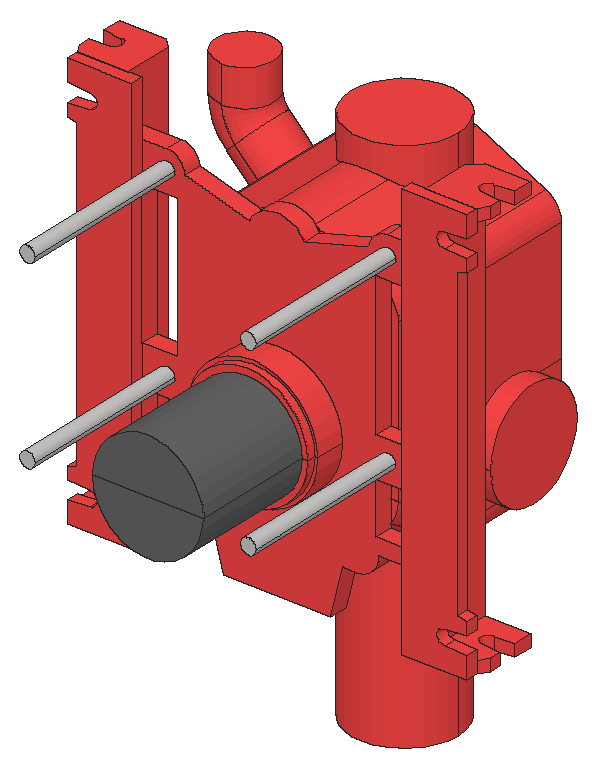
Revit family
Parameters (values of type "Standard Length")
  Vertical Pipe Nominal Radius = 2"
  Vertical Pipe Nominal Diameter = Vertical Pipe Nominal Radius * 2  # 4"
  Vent Nominal Radius = 1"
  Vent Nominal Diameter = Vent Nominal Radius * 2  # 2"
  Vent Flow = 0 GPM
  URL = "http://tylerpipe.com/"
  Type Comments = ""
  Slope Adjustment = yes
  Side Waste Inlet Standard Radius = 2"
  Side Waste Inlet Standard Diameter = Side Waste Inlet Standard Radius * 2  # 4"
  Rough-In Height [instance] = 0' - 6 1/2"
  Plastic Nipple Material = Plastic - Tyler Pipe - Black
  Plastic Nipple Length = 0' - 5"
  Pipe Material = Metal - Tyler Pipe - Cast Iron
  Operating Weight = 115.00 lbf
  Model = "330-NL"
  Manufacturer = "Tyler Pipe"
  Main Out Flush = Main In Flow + Flush Flow 1 + Vent Flow  # 0 GPM
  Main In Flow = 0 GPM
  Flush Flow 1 = 0 GPM
  Description = "Left-Handed Adjustable Vertical No-Hub Carrier"
  CALC_Slope H = 0' - 0"
  CALC_Outlet Length = 0' - 5 1/4"
  CALC_Main Length = -0' - 10 3/8"
  Bracket Material = Metal - Tyler Pipe - Cast Iron
  Bolt Material = Metal - Tyler Pipe - Stainless Steel
  Bolt Length = 0' - 7 9/128"
  Assembly Code = "D2030100"
Reference planes (in)
  plane 1 "Center (Front/Back)": y = 0
  plane 2: z = 0
  plane 3 "Center (Left/Right)": x = 0
  plane 4 "Rough-In": z = 6.5
  plane 5 "Main Fitting Outlet": z = 4.53516
  plane 6 "Top": z = 17
  plane 7 "Support Foot Left": x = -8.375
  plane 8 "Support Foot Right": x = 8.375
  plane 9 "Carrier Faceplate Front": y = -7
  plane 10 "Faceplate Front": y = -6.5
  plane 11: x = -8.125
  plane 12: x = 8.125
  plane 13 "Bolts Left": x = -4.5
  plane 14 "Bolts Right": x = 4.5
  plane 15 "Bolts Front": y = -13.57031
  plane 16 "Main Fitting Inlet": z = 4.53516
  plane 17 "O": x = -1.5
  plane 18 "Outlet": x = 5.25
  plane 19 "Vent": x = 4
  plane 20 "V": z = 11.50528
  plane 21 "Bottom Side Inlet Geometry": z = 2.34777
  plane 22: z = 16.5
  plane 23: z = 0.5
  plane 24: x = -6.49997
  plane 25: x = 6.51229
  plane 26: z = 6.5
  plane 27: z = 6.5
  plane 28 "Bolts Front Back": y = -5.48803
  plane 29 "Side Inlet Front": y = -13.06327
  plane 30: y = -8.06327
  plane 31 "Inlet": x = -5.125
  plane 32 "Vent Height": z = 14.81483
  plane 33 "Back Support": y = 2.5
Forms (in)
  Extrusion 1, solid, material "Metal - Tyler Pipe - Cast Iron" <- "Pipe Material", detail levels medium+fine
    sketch origin (5.25, 0, 4.53516) x (0, -1, 0) y (-0.000001, 0, -1)
      loop
        circle (0, 0) r 2.1875
    from 0 to -10.375 <- "CALC_Main Length"
  Extrusion 2, solid, material "Metal - Tyler Pipe - Cast Iron" <- "Bracket Material", detail levels fine
    sketch origin (0, -7, 0) x (-1, 0, 0) y (0, 0, -1)
      loop
        line (8.12501, 0) -> (5.49997, 0) -> (5.49997, -16.99997) -> (8.12501, -16.99997) -> (8.12501, -16.11913) -> (7.22821, -16.05642)
        arc (7.22821, -16.05642) -> (6.91647, -15.74468) -> (7.22821, -15.43294) r 0.31174
        line (7.22821, -15.43294) -> (8.12498, -15.37024) -> (8.12498, -14.86967) -> (7.75, -14.7692) -> (7.75, -2.22548) -> (8.12498, -2.12501) -> (8.12498, -1.62445) -> (7.22821, -1.56174)
        arc (7.22821, -1.56174) -> (6.91647, -1.25) -> (7.22821, -0.93826) r 0.31174
        line (7.22821, -0.93826) -> (8.12501, -0.87555) -> (8.12501, 0)
      loop
        line (-5.49997, -16.99997) -> (-5.49997, 0) -> (-8.12501, 0) -> (-8.12501, -0.87555) -> (-7.22821, -0.93826)
        arc (-7.22821, -0.93826) -> (-6.91647, -1.25) -> (-7.22821, -1.56174) r 0.31174
        line (-7.22821, -1.56174) -> (-8.12498, -1.62445) -> (-8.12498, -2.12501) -> (-7.75, -2.22548) -> (-7.75, -14.7692) -> (-8.12498, -14.86967) -> (-8.12498, -15.37024) -> (-7.22821, -15.43294)
        arc (-7.22821, -15.43294) -> (-6.91647, -15.74468) -> (-7.22821, -16.05642) r 0.31174
        line (-7.22821, -16.05642) -> (-8.12501, -16.11913) -> (-8.12501, -16.99997) -> (-5.49997, -16.99997)
    from 0 to -0.5
  Extrusion 3, solid, material "Metal - Tyler Pipe - Cast Iron" <- "Bracket Material", detail levels fine
    sketch origin (0, 0, 0) x (1, 0, 0) y (0, 1, 0)
      loop
        line (-8.37498, -6.0625) -> (-8.12501, -6.5) -> (-6.06247, -6.5) -> (-6.06247, -4.5) -> (-6.49997, -4.0625) -> (-8.37498, -4.0625) -> (-8.37498, -4.875) -> (-7.59946, -4.93854)
        arc (-7.59946, -4.93854) -> (-7.288, -5.25) -> (-7.59946, -5.56146) r 0.31146
        line (-7.59946, -5.56146) -> (-8.37498, -5.625) -> (-8.37498, -6.0625)
      loop
        line (6.06247, -4.5) -> (6.06247, -6.5) -> (8.12501, -6.5) -> (8.37498, -6.0625) -> (8.37498, -5.625) -> (7.59946, -5.56146)
        arc (7.59946, -5.56146) -> (7.288, -5.25) -> (7.59946, -4.93854) r 0.31146
        line (7.59946, -4.93854) -> (8.37498, -4.875) -> (8.37498, -4.0625) -> (6.49997, -4.0625) -> (6.06247, -4.5)
    from 0 to 17
  Extrusion 4, void
    sketch origin (0, 7, 0) x (-1, 0, 0) y (0, 0, 1)
      loop
        line (9.12254, 16.5) -> (6.49997, 16.5) -> (6.49997, 0.5) -> (9.12254, 0.5) -> (9.12254, 16.5)
      loop
        line (-9.26801, 16.5) -> (-9.26801, 0.5) -> (-6.51229, 0.5) -> (-6.51229, 16.5) -> (-9.26801, 16.5)
    from -13.5 to 0.5
  Extrusion 5, solid, material "Metal - Tyler Pipe - Cast Iron" <- "Bracket Material", detail levels fine
    sketch origin (0, -6.5, 0) x (-1, 0, 0) y (0, 0, -1)
      loop
        line (5.49997, -13.125) -> (5.49997, -7.3125) -> (4.03125, -7.3125) -> (4.03125, -13.125) -> (5.49997, -13.125)
      loop
        line (6.06247, -14.75) -> (6.06247, -2.9375) -> (4.13677, -2.9375)
        arc (4.13677, -2.9375) -> (3.90415, -2.27848) -> (3.26316, -2) r 0.875
        line (3.26316, -2) -> (2.685, -2) -> (2.18492, 0) -> (-2.18492, 0) -> (-2.685, -2) -> (-3.26316, -2)
        arc (-3.26316, -2) -> (-3.90415, -2.27848) -> (-4.13677, -2.9375) r 0.875
        line (-4.13677, -2.9375) -> (-6.06247, -2.9375) -> (-6.06247, -14.75) -> (-4.5, -14.75)
        arc (-4.5, -14.75) -> (-3.98825, -14.54828) -> (-3.75178, -14.05163) r 0.75
        line (-3.75178, -14.05163) -> (-1.11315, -13.31868)
        arc (-1.11315, -13.31868) -> (0, -14) -> (1.11315, -13.31868) r 1.25
        line (1.11315, -13.31868) -> (3.75178, -14.05163)
        arc (3.75178, -14.05163) -> (3.98825, -14.54828) -> (4.5, -14.75) r 0.75
        line (4.5, -14.75) -> (6.06247, -14.75)
      loop
        line (5.49997, -3.5625) -> (4.03125, -3.5625) -> (4.03125, -5.6875) -> (5.49997, -5.6875) -> (5.49997, -3.5625)
      loop
        line (-5.49997, -13.125) -> (-4.03125, -13.125) -> (-4.03125, -7.3125) -> (-5.49997, -7.3125) -> (-5.49997, -13.125)
      loop
        line (-5.49997, -3.5625) -> (-5.49997, -5.6875) -> (-4.03125, -5.6875) -> (-4.03125, -3.5625) -> (-5.49997, -3.5625)
    from 0 to -0.75
  Revolve 6, solid, material "Metal - Tyler Pipe - Cast Iron" <- "Pipe Material", detail levels fine
    sketch origin (0, 0, 6.5) x (-1, 0, 0) y (0, -1, 0)
      loop
        line (0, 6.5) -> (2.64908, 6.5) -> (2.64908, 7.71875) -> (2.5, 7.71875) -> (2.5, 8.06327) -> (0, 8.06327) -> (0, 6.5)
      axis (0, 6.5) -> (0, 8.06327)
    angle from 0 to 360
  Extrusion 7, solid, material "Metal - Tyler Pipe - Stainless Steel" <- "Bolt Material", detail levels fine
    sketch origin (0, -6.5, 0) x (-1, 0, 0) y (0, 0, -1)
      loop
        circle (4.5, -14) r 0.3125
      loop
        circle (4.5, -6.5) r 0.3125
      loop
        circle (-4.5, -14) r 0.3125
      loop
        circle (-4.5, -6.5) r 0.3125
    from 7.07031 to -1.01197
  Revolve 8, solid, material "Plastic - Tyler Pipe - Black" <- "Plastic Nipple Material", detail levels medium+fine
    sketch origin (0, 0, 6.5) x (-1, 0, 0) y (0, -1, 0)
      loop
        line (0, 5.75) -> (0, 13.06327) -> (-2.25, 13.06327) -> (-2.25, 5.75) -> (0, 5.75)
      axis (0, 5.75) -> (0, 13.06327)
    angle from 0 to 360
  Extrusion 9, solid, material "Metal - Tyler Pipe - Cast Iron" <- "Bracket Material", detail levels medium
    sketch origin (0, 0, 4.53516) x (-1, 0, 0) y (0, -1, 0)
      loop
        line (8.375, 7) -> (-8.375, 7) -> (-8.375, 4.0625) -> (8.375, 4.0625) -> (8.375, 7)
    from 12.46484 to -4.53516
  Extrusion 10, solid, material "Metal - Tyler Pipe - Cast Iron" <- "Pipe Material", detail levels fine
    sketch origin (0, -6.5, 0) x (-1, 0, 0) y (0, 0, -1)
      loop
        arc (3.73213, -12.19032) -> (4.18796, -11.78436) -> (4.36056, -11.19888) r 1.11114
        line (4.36056, -11.19888) -> (4.36056, -6.24706) -> (-4.36056, -6.24706) -> (-4.36056, -11.19888)
        arc (-4.36056, -11.19888) -> (-4.18796, -11.78436) -> (-3.73213, -12.19032) r 1.11114
        line (-3.73213, -12.19032) -> (-0.93697, -13.53835)
        arc (-0.93697, -13.53835) -> (0, -13.75248) -> (0.93697, -13.53835) r 2.15697
        line (0.93697, -13.53835) -> (3.73213, -12.19032)
    from -0.75 to -9
  Sweep 11, solid, material "Metal - Tyler Pipe - Cast Iron" <- "Pipe Material", detail levels fine
    path origin (0, 0, 0) x (0, 1, 0) y (0, 0, 1)
      loop
        line (-5.75, 5.24184) -> (-1.92239, 2.87906) -> (1.79739, 2.87906) -> (2.5, 3.31278)
    profile origin (0, -3.83619, 4.06045) x (0, 0.525279, 0.85093) y (1, 0, 0)
      loop
        arc (-0.5, 4.36056) -> (-0.92032, 4.27415) -> (-1.27655, 4.03491) r 1.11114
        arc (-1.27655, 4.03491) -> (-1.8423, 2.75045) -> (-2.41142, 1.46748) r 534.00949
        arc (-2.41142, 1.46748) -> (-2.48755, 1.28006) -> (-2.55113, 1.08801) r 3.0625
        line (-2.55113, 1.08801) -> (-2.55113, -1.08801)
        arc (-2.55113, -1.08801) -> (-2.48755, -1.28006) -> (-2.41142, -1.46748) r 3.0625
        arc (-2.41142, -1.46748) -> (-1.8423, -2.75045) -> (-1.27655, -4.03491) r 534.00949
        arc (-1.27655, -4.03491) -> (-0.92032, -4.27415) -> (-0.5, -4.36056) r 1.11114
        line (-0.5, -4.36056) -> (-0.5, 4.36056)
  Extrusion 12, void
    sketch origin (0, 0, 0) x (0, 1, 0) y (0, 0, 1)
      loop
        line (-5.75, 8.0625) -> (-10, 8.0625) -> (-10, -0.4375) -> (-5.75, -0.4375) -> (-5.75, 8.0625)
      loop
        line (2.5, 8.0625) -> (2.5, -0.4375) -> (5.48803, -0.4375) -> (5.48803, 8.0625) -> (2.5, 8.0625)
    from 4.5 to -4.5
  Extrusion 13, solid, material "Metal - Tyler Pipe - Cast Iron" <- "Pipe Material", detail levels medium+fine
    sketch origin (0, 0, 0) x (0, 1, 0) y (0, 0, 1)
      loop
        line (-5.75, 6.24706) -> (-5.75, 4.65425) -> (-2.06428, 2.37906) -> (1.93928, 2.37906) -> (2.5, 2.72519) -> (2.5, 6.24706) -> (-5.75, 6.24706)
    from 4.36056 to -4.36056
  Sweep 14, solid, material "Metal - Tyler Pipe - Cast Iron" <- "Pipe Material", detail levels medium+fine
    path origin (0, 0, 0) x (1, 0, 0) y (0, 0, 1)
      loop
        line (-6.4992, 14.81483) -> (-6.4992, 13.3042)
        arc (-6.4992, 13.3042) -> (-6.36339, 12.62141) -> (-5.97662, 12.04257) r 1.78422
        line (-5.97662, 12.04257) -> (-1.02687, 7.09282)
    profile origin (-6.4992, 0, 14.05952) x (0, -1, 0) y (1, 0, 0)
      loop
        circle (0, 0) r 1.17578
  Extrusion 15, solid, material "Metal - Tyler Pipe - Cast Iron" <- "Pipe Material", detail levels medium+fine
    sketch origin (0, 0, 4.53516) x (-1, 0, 0) y (0, -1, 0)
      loop
        circle (0, 0) r 2.1875
    from 10.27967 to -11.71618
  Extrusion 16, solid, material "Metal - Tyler Pipe - Cast Iron" <- "Bracket Material", detail levels fine
    sketch origin (0, 0, 4.53516) x (-1, 0, 0) y (0, -1, 0)
      loop
        line (1.38386, -2.12456) -> (-1.38386, -2.12456) -> (-0.95031, -3.75) -> (-0.3125, -3.75) -> (-0.2512, -3.125)
        arc (-0.2512, -3.125) -> (0, -2.8738) -> (0.2512, -3.125) r 0.2512
        line (0.2512, -3.125) -> (0.3125, -3.75) -> (0.95031, -3.75) -> (1.38386, -2.12456)
    from 0.25 to -0.25
  Extrusion 17, solid, material "Metal - Tyler Pipe - Cast Iron" <- "Bracket Material", detail levels fine
    sketch origin (0, 0, 0) x (1, 0, 0) y (0, 1, 0)
      loop
        arc (-1.28125, 3.59375) -> (0, 2.3125) -> (1.28125, 3.59375) r 1.28125
        line (1.28125, 3.59375) -> (1.28125, 5.125) -> (0.375, 5.125) -> (0.31146, 4.34948)
        arc (0.31146, 4.34948) -> (0, 4.03802) -> (-0.31146, 4.34948) r 0.31146
        line (-0.31146, 4.34948) -> (-0.375, 5.125) -> (-1.28125, 5.125) -> (-1.28125, 3.59375)
    from 0 to 0.5
  Revolve 18, solid, material "Metal - Tyler Pipe - Stainless Steel" <- "Bolt Material", detail levels fine
    sketch origin (0, 0, 0) x (0, 1, 0) y (0, 0, 1)
      loop
        line (3.17826, 0.5) -> (3.17826, 5.6912) -> (2.9994, 5.6912) -> (2.9994, 0.5) -> (3.17826, 0.5)
      axis (2.9994, 5.6912) -> (2.9994, 0.5)
    angle from 0 to 360
Cuts and joins
  Extrusion 4 cuts Extrusion 3
  Extrusion 12 cuts Sweep 11
Lines and regions (in)
  reference lines, not visible
    curve 1: line (-5.125, 0, 4.53517) -> (5.25, 0, 4.53516)
  model lines, detail levels coarse
    curve 2: line (-5.125, 0, 4.53517) -> (0, 0, 4.53516)
    curve 3: line (0, 0, 6.5) -> (0, -13.06327, 6.5)
    curve 4: line (0, 0, 14.81483) -> (0, 0, -7.18102)
    curve 5: line (-6.49997, 0, 14.81483) -> (-6.49997, 0, 13.56508)
    curve 6: line (-6.49997, 0, 13.56508) -> (0, 0, 11.50528)
Dimensions and locks (in)
  "Rough-In Height": plane 4 "Rough-In" to plane 2
  equal spacing: plane 8 "Support Foot Right", plane 3 "Center (Left/Right)", plane 7 "Support Foot Left"
  locked: plane 6 "Top" to plane 2 at 17
  plane 1 "Center (Front/Back)" to plane 9 "Carrier Faceplate Front" = 0' - 7"
  locked: plane 9 "Carrier Faceplate Front" to plane 10 "Faceplate Front" at 0.5
  locked: plane 11 to plane 7 "Support Foot Left" at 0.25
  locked: plane 12 to plane 8 "Support Foot Right" at 0.25
  plane 15 "Bolts Front" to plane 1 "Center (Front/Back)" = 1' - 1 73/128"
  "Bolt Length": plane 15 "Bolts Front" to plane 10 "Faceplate Front"
  equal spacing: plane 13 "Bolts Left", plane 3 "Center (Left/Right)", plane 14 "Bolts Right"
  locked: plane 13 "Bolts Left" to plane 14 "Bolts Right" at 9
  plane 17 "O" to plane 3 "Center (Left/Right)" = 0' - 1 1/2"
  "CALC_Outlet Length": plane 3 "Center (Left/Right)" to plane 18 "Outlet"
  "CALC_Slope H": plane 16 "Main Fitting Inlet" to plane 5 "Main Fitting Outlet"
  locked: plane 3 "Center (Left/Right)" to plane 19 "Vent" at 4
  locked: plane 16 "Main Fitting Inlet" to plane 21 "Bottom Side Inlet Geometry" at 2.18738
  locked: plane 6 "Top" to plane 22 at 0.5
  locked: plane 23 to level at 0.5
  locked: plane 20 "V" to plane 5 "Main Fitting Outlet" at 6.97012
  locked: Extrusion 5 sketch curve to plane 26 at 8.25  (x2)
  locked: plane 26 to Extrusion 5 sketch curve at 3.5625  (x2)
  locked: Extrusion 5 sketch curve to plane 26 at 6.625  (x2)
  locked: plane 26 to Extrusion 5 sketch curve at 2.9375  (x2)
  locked: plane 26 to Extrusion 5 sketch curve at 6.5
  locked: Extrusion 7 sketch curve to plane 27 at 7.5  (x2)
  locked: Extrusion 5 sketch curve to plane 26 at 0.8125  (x2)
  locked: plane 26 to Extrusion 5 sketch curve at 0.8125  (x2)
  locked: plane 10 "Faceplate Front" to plane 28 "Bolts Front Back" at 1.01197
  locked: plane 30 to plane 9 "Carrier Faceplate Front" at 1.06327
  "Plastic Nipple Length": plane 29 "Side Inlet Front" to plane 30
  locked: plane 9 "Carrier Faceplate Front" to Extrusion 9 sketch curve at 2.9375
  locked: Extrusion 5 sketch curve to plane 26 at 6.25
  locked: plane 26 to Extrusion 5 sketch curve at 3.625  (x2)
  locked: Extrusion 5 sketch curve to plane 26 at 6.81868  (x2)
  locked: Extrusion 10 sketch curve to plane 5 "Main Fitting Outlet" at 1.7119
  locked: Extrusion 10 sketch curve to plane 5 "Main Fitting Outlet" at 6.66372  (x2)
  locked: Extrusion 10 sketch curve to plane 5 "Main Fitting Outlet" at 7.65516  (x2)
  locked: Extrusion 10 sketch curve to plane 5 "Main Fitting Outlet" at 9.00319  (x2)
  locked: Sweep 14 sketch curve to plane 5 "Main Fitting Outlet" at 2.55767
  locked: Sweep 14 sketch curve to plane 5 "Main Fitting Outlet" at 7.50741
  locked: Sweep 14 sketch curve to plane 5 "Main Fitting Outlet" at 8.76905
  locked: Sweep 14 sketch curve to plane 5 "Main Fitting Outlet" at 10.27967
  locked: plane 16 "Main Fitting Inlet" to level at 4.53516
  locked: Sweep 11 sketch curve to plane 16 "Main Fitting Inlet" at 0.70668
  locked: plane 16 "Main Fitting Inlet" to Sweep 11 sketch curve at 1.6561  (x2)
  plane 16 "Main Fitting Inlet" to Sweep 11 sketch curve = 0' - 1.22238"
  locked: Extrusion 12 sketch curve to plane 16 "Main Fitting Inlet" at 3.52734  (x2)
  locked: Extrusion 12 sketch curve to Extrusion 12 sketch curve at 8.5  (x2)
  locked: Extrusion 15 to Extrusion 15 at 21.99585
  locked: plane 18 "Outlet" to plane 31 "Inlet" at 10.375
  locked: plane 32 "Vent Height" to plane 5 "Main Fitting Outlet" at 10.27967
  locked: plane 10 "Faceplate Front" to plane 33 "Back Support" at 9
  locked: plane 1 "Center (Front/Back)" to Revolve 18 sketch curve at 2.9994
  locked: Revolve 18 sketch curve to plane 16 "Main Fitting Inlet" at 1.15604
  radius of Extrusion 1 sketch curve = 0' - 2 3/16"
  radius of Sweep 14 sketch curve = 0' - 1 45/256"
  radius of Extrusion 15 sketch curve = 0' - 2 3/16"
  aligned and locked: level to plane 2
  aligned and locked: plane 18 "Outlet" to curve 1
  aligned and locked: plane 5 "Main Fitting Outlet" to curve 1
  aligned: curve 1 to Extrusion 1  (x4)
  aligned and locked: Extrusion 2 to plane 10 "Faceplate Front"
  aligned and locked: plane 9 "Carrier Faceplate Front" to Extrusion 2
  aligned and locked: plane 6 "Top" to Extrusion 3
  aligned and locked: Extrusion 3 to level
  aligned and locked: plane 4 "Rough-In" to plane 26
  aligned and locked: Revolve 6 sketch curve to plane 3 "Center (Left/Right)"
  aligned and locked: plane 4 "Rough-In" to plane 27
  aligned and locked: plane 27 to Extrusion 7 sketch curve
  aligned and locked: Extrusion 7 sketch curve to plane 27
  aligned and locked: Extrusion 7 to plane 15 "Bolts Front"
  aligned and locked: plane 28 "Bolts Front Back" to Extrusion 7
  aligned and locked: plane 29 "Side Inlet Front" to Revolve 8 sketch curve
  aligned and locked: Revolve 8 sketch curve to plane 3 "Center (Left/Right)"
  aligned and locked: Revolve 8 sketch curve to Extrusion 5
  aligned and locked: Extrusion 9 sketch curve to plane 8 "Support Foot Right"
  aligned and locked: Extrusion 9 sketch curve to plane 7 "Support Foot Left"
  aligned and locked: plane 9 "Carrier Faceplate Front" to Extrusion 9 sketch curve
  aligned and locked: plane 6 "Top" to Extrusion 9
  aligned and locked: Extrusion 9 to level
  aligned and locked: Extrusion 10 to Extrusion 5
  aligned and locked: Extrusion 13 sketch curve to Extrusion 10
  aligned and locked: plane 3 "Center (Left/Right)" to Extrusion 15 sketch curve
  aligned and locked: plane 1 "Center (Front/Back)" to Extrusion 15 sketch curve
  aligned and locked: Extrusion 15 to Sweep 14
  aligned and locked: plane 31 "Inlet" to curve 1
  aligned and locked: plane 31 "Inlet" to curve 2
  aligned and locked: plane 3 "Center (Left/Right)" to curve 2
  aligned and locked: plane 29 "Side Inlet Front" to curve 3
  aligned and locked: curve 3 to plane 3 "Center (Left/Right)"
  aligned and locked: Extrusion 15 to curve 4  (x2)
  aligned and locked: curve 4 to plane 3 "Center (Left/Right)"
  aligned and locked: plane 20 "V" to curve 6
  aligned and locked: plane 3 "Center (Left/Right)" to curve 6
  aligned and locked: curve 5 to plane 24
  aligned and locked: plane 32 "Vent Height" to curve 5
  aligned and locked: plane 33 "Back Support" to Extrusion 10
  aligned and locked: plane 33 "Back Support" to Sweep 11 sketch curve
  aligned and locked: Extrusion 12 sketch curve to plane 33 "Back Support"
  aligned and locked: curve 6 to curve 3
  aligned and locked: Revolve 18 sketch curve to Revolve 18 sketch curve
  aligned and locked: plane 23 to Revolve 18 sketch curve
Automatic sketch dimensions
  Extrusion 1 sketch curve to plane 1 "Center (Front/Back)" = 0' - 0"
  Extrusion 2 sketch curve to level = 0' - 0"  (x2)
  plane 12 to Extrusion 2 sketch curve = 0' - 0"  (x2)
  Extrusion 2 sketch curve to plane 12 = 0' - 0"  (x2)
  Extrusion 2 sketch curve to plane 12 = 0' - 0 3/8"
  Extrusion 2 sketch curve to plane 25 = 0' - 0.71591"  (x2)
  plane 6 "Top" to Extrusion 2 sketch curve = 0' - 0.00003"  (x2)
  plane 14 "Bolts Right" to Extrusion 2 sketch curve = 0' - 0.99997"
  plane 13 "Bolts Left" to Extrusion 2 sketch curve = 0' - 0.99997"
  plane 24 to Extrusion 2 sketch curve = 0' - 0.72823"  (x2)
  Extrusion 2 sketch curve to plane 23 = 0' - 0.43826"  (x2)
  Extrusion 2 sketch curve to plane 11 = 0' - 0 3/8"
  Extrusion 2 sketch curve to plane 11 = 0' - 0"  (x2)
  plane 11 to Extrusion 2 sketch curve = 0' - 0"  (x2)
  Extrusion 2 sketch curve to plane 23 = 0' - 0.37555"  (x2)
  Extrusion 2 sketch curve to Extrusion 2 sketch curve = 0' - 0.31174"  (x4)
  Extrusion 2 sketch curve to Extrusion 2 sketch curve = 0' - 0.7489"  (x2)
  Extrusion 2 sketch curve to Extrusion 2 sketch curve = 0' - 0.50056"  (x4)
  Extrusion 2 sketch curve to Extrusion 2 sketch curve = 0' - 0.10047"  (x4)
  plane 22 to Extrusion 2 sketch curve = 0' - 1.7308"  (x2)
  Extrusion 2 sketch curve to Extrusion 2 sketch curve = 0' - 0.66374"  (x2)
  plane 22 to Extrusion 2 sketch curve = 0' - 0.38087"  (x2)
  plane 10 "Faceplate Front" to Extrusion 3 sketch curve = 0' - 0"  (x2)
  Extrusion 3 sketch curve to plane 24 = 0' - 0"
  plane 11 to Extrusion 3 sketch curve = 0' - 0.52554"
  Extrusion 3 sketch curve to plane 11 = 0' - 0"
  plane 7 "Support Foot Left" to Extrusion 3 sketch curve = 0' - 0.00002"  (x2)
  plane 24 to Extrusion 3 sketch curve = 0' - 0 7/16"
  Extrusion 3 sketch curve to plane 25 = 0' - 0.44982"
  Extrusion 3 sketch curve to plane 25 = 0' - 0.01232"
  plane 28 "Bolts Front Back" to Extrusion 3 sketch curve = 0' - 0.23803"  (x2)
  plane 12 to Extrusion 3 sketch curve = 0' - 0.52554"
  Extrusion 3 sketch curve to plane 12 = 0' - 0"
  plane 8 "Support Foot Right" to Extrusion 3 sketch curve = 0' - 0.00002"  (x2)
  Extrusion 3 sketch curve to plane 10 "Faceplate Front" = 0' - 0 7/16"  (x2)
  Extrusion 3 sketch curve to plane 28 "Bolts Front Back" = 0' - 0.13697"  (x2)
  Extrusion 3 sketch curve to plane 28 "Bolts Front Back" = 0' - 0.07343"  (x2)
  plane 28 "Bolts Front Back" to Extrusion 3 sketch curve = 0' - 0.61303"  (x2)
  plane 28 "Bolts Front Back" to Extrusion 3 sketch curve = 0' - 0.98803"  (x2)
  Extrusion 3 sketch curve to Extrusion 3 sketch curve = 0' - 0 13/16"  (x2)
  Extrusion 4 sketch curve to plane 23 = 0' - 0"  (x2)
  Extrusion 4 sketch curve to plane 22 = 0' - 0"  (x2)
  Extrusion 4 sketch curve to plane 25 = 0' - 0"
  Extrusion 4 sketch curve to plane 24 = 0' - 0"
  Extrusion 4 sketch curve to plane 8 "Support Foot Right" = 0' - 0.89301"
  Extrusion 4 sketch curve to plane 7 "Support Foot Left" = 0' - 0.74754"
  plane 14 "Bolts Right" to Extrusion 5 sketch curve = 0' - 0"
  Extrusion 5 sketch curve to plane 3 "Center (Left/Right)" = 0' - 0"
  Extrusion 5 sketch curve to plane 13 "Bolts Left" = 0' - 0"
  plane 14 "Bolts Right" to Extrusion 5 sketch curve = 0' - 0.99997"  (x2)
  plane 25 to Extrusion 5 sketch curve = 0' - 0.44982"
  Extrusion 5 sketch curve to plane 19 "Vent" = 0' - 0.13677"
  Extrusion 5 sketch curve to plane 19 "Vent" = 0' - 0 1/32"  (x2)
  plane 19 "Vent" to Extrusion 5 sketch curve = 0' - 0.24822"
  plane 19 "Vent" to Extrusion 5 sketch curve = 0' - 0.736"
  plane 19 "Vent" to Extrusion 5 sketch curve = 0' - 0.73684"
  Extrusion 5 sketch curve to Extrusion 5 sketch curve = 0' - 0.57816"  (x2)
  plane 19 "Vent" to Extrusion 5 sketch curve = 0' - 1.81508"
  Extrusion 5 sketch curve to plane 17 "O" = 0' - 0.38685"
  plane 17 "O" to Extrusion 5 sketch curve = 0' - 0.68492"
  plane 17 "O" to Extrusion 5 sketch curve = 0' - 1.185"
  Extrusion 5 sketch curve to Extrusion 5 sketch curve = 0' - 0.00084"
  Extrusion 5 sketch curve to plane 13 "Bolts Left" = 0' - 0.74822"
  Extrusion 5 sketch curve to plane 13 "Bolts Left" = 0' - 0 15/32"  (x2)
  Extrusion 5 sketch curve to plane 13 "Bolts Left" = 0' - 0.36323"
  plane 13 "Bolts Left" to Extrusion 5 sketch curve = 0' - 0.99997"  (x2)
  Extrusion 5 sketch curve to plane 24 = 0' - 0 7/16"
  Extrusion 5 sketch curve to Extrusion 5 sketch curve = 0' - 0 3/4"  (x2)
  Revolve 6 sketch curve to plane 3 "Center (Left/Right)" = 0' - 0"
  plane 10 "Faceplate Front" to Revolve 6 sketch curve = 0' - 0"
  Revolve 6 sketch curve to plane 17 "O" = 0' - 1"
  Revolve 6 sketch curve to plane 17 "O" = 0' - 1.14908"
  plane 9 "Carrier Faceplate Front" to Revolve 6 sketch curve = 0' - 0 23/32"
  plane 9 "Carrier Faceplate Front" to Revolve 6 sketch curve = 0' - 1.06327"
  Revolve 6 sketch curve to Revolve 6 sketch curve = 0' - 1.37346"
  plane 14 "Bolts Right" to Extrusion 7 sketch curve = 0' - 0"  (x2)
  Extrusion 7 sketch curve to plane 13 "Bolts Left" = 0' - 0"  (x2)
  Revolve 8 sketch curve to plane 3 "Center (Left/Right)" = 0' - 0"
  Revolve 8 sketch curve to plane 19 "Vent" = 0' - 1 3/4"
  plane 15 "Bolts Front" to Revolve 8 sketch curve = 0' - 0.05528"
  Extrusion 10 sketch curve to plane 3 "Center (Left/Right)" = 0' - 0"
  Extrusion 10 sketch curve to plane 3 "Center (Left/Right)" = 0' - 0.93697"
  plane 19 "Vent" to Extrusion 10 sketch curve = 0' - 0.75054"
  plane 19 "Vent" to Extrusion 10 sketch curve = 0' - 0.26787"
  Extrusion 10 sketch curve to plane 14 "Bolts Right" = 0' - 0.13944"
  Extrusion 10 sketch curve to plane 13 "Bolts Left" = 0' - 1.25054"
  Extrusion 10 sketch curve to plane 13 "Bolts Left" = 0' - 0.76787"
  Extrusion 10 sketch curve to plane 13 "Bolts Left" = 0' - 0.13944"
  Extrusion 10 sketch curve to plane 20 "V" = 0' - 0.09024"
  plane 1 "Center (Front/Back)" to Sweep 14 sketch curve = 0' - 0"
  Sweep 14 sketch curve to profile plane = 0' - 0"
  profile plane to Sweep 11 sketch curve = 40' - 10.26389"
  Sweep 11 sketch curve to Sweep 11 sketch curve = 0' - 0"  (x3)
  plane 3 "Center (Left/Right)" to Sweep 11 sketch curve = 0' - 1.08801"
  profile plane to Sweep 11 sketch curve = 0' - 2.55113"
  Sweep 11 sketch curve to Sweep 11 sketch curve = 0' - 0.13971"  (x2)
  profile plane to Sweep 11 sketch curve = 0' - 1.27655"  (x2)
  profile plane to Sweep 11 sketch curve = 0' - 0 1/2"
  profile plane to Sweep 11 sketch curve = 0' - 0.49061"  (x2)
  plane 3 "Center (Left/Right)" to Sweep 11 sketch curve = 0' - 0.22199"
  Sweep 11 sketch curve to profile plane = 0' - 0.38637"  (x2)
  Sweep 11 sketch curve to plane 3 "Center (Left/Right)" = 0' - 0.22199"
  Sweep 11 sketch curve to plane 3 "Center (Left/Right)" = 0' - 1.08801"
  Sweep 11 sketch curve to Sweep 11 sketch curve = 0' - 0.78545"  (x2)
  plane 24 to Sweep 14 sketch curve = 0' - 0.00077"
  plane 24 to Sweep 14 sketch curve = 0' - 0.52336"
  plane 17 "O" to Sweep 14 sketch curve = 0' - 0.47313"
  plane 16 "Main Fitting Inlet" to curve 1 = 0' - 0"
  curve 1 to curve 2 = 0' - 0"
  curve 5 to curve 5 = 0' - 1.24976"
  Sweep 11 sketch curve to plane 33 "Back Support" = 0' - 0.70261"
  plane 1 "Center (Front/Back)" to Sweep 11 sketch curve = 0' - 1.92239"
  Sweep 11 sketch curve to plane 28 "Bolts Front Back" = 0' - 0.26197"
  Extrusion 12 sketch curve to plane 28 "Bolts Front Back" = 0' - 0.26197"
  plane 30 to Extrusion 12 sketch curve = 0' - 1.93673"
  Extrusion 13 sketch curve to plane 21 "Bottom Side Inlet Geometry" = 0' - 0.03128"
  plane 1 "Center (Front/Back)" to Extrusion 13 sketch curve = 0' - 2.06428"
  Extrusion 13 sketch curve to plane 28 "Bolts Front Back" = 0' - 0.26197"
  Extrusion 13 sketch curve to plane 21 "Bottom Side Inlet Geometry" = 0' - 0.37741"
  plane 16 "Main Fitting Inlet" to Extrusion 13 sketch curve = 0' - 0.11909"
  Extrusion 13 sketch curve to plane 33 "Back Support" = 0' - 0.56072"
  Extrusion 13 sketch curve to plane 33 "Back Support" = 0' - 0"
  Extrusion 16 sketch curve to plane 3 "Center (Left/Right)" = 0' - 0"
  Extrusion 16 sketch curve to Extrusion 16 sketch curve = 0' - 0.2512"
  plane 3 "Center (Left/Right)" to Extrusion 16 sketch curve = 0' - 0 5/16"
  Extrusion 16 sketch curve to Extrusion 16 sketch curve = 0' - 0.63781"
  Extrusion 16 sketch curve to plane 33 "Back Support" = 0' - 0.37544"
  plane 3 "Center (Left/Right)" to Extrusion 16 sketch curve = 0' - 1.38386"
  Extrusion 16 sketch curve to plane 3 "Center (Left/Right)" = 0' - 0 5/16"
  plane 17 "O" to Extrusion 16 sketch curve = 0' - 0.54969"
  plane 17 "O" to Extrusion 16 sketch curve = 0' - 0.11614"
  plane 33 "Back Support" to Extrusion 16 sketch curve = 0' - 0 5/8"
  Extrusion 16 sketch curve to Extrusion 16 sketch curve = 0' - 0 5/8"  (x2)
  Extrusion 17 sketch curve to plane 3 "Center (Left/Right)" = 0' - 0"  (x2)
  Extrusion 17 sketch curve to plane 3 "Center (Left/Right)" = 0' - 0.31146"
  Extrusion 17 sketch curve to plane 3 "Center (Left/Right)" = 0' - 0 3/8"
  plane 17 "O" to Extrusion 17 sketch curve = 0' - 0 7/32"
  plane 3 "Center (Left/Right)" to Extrusion 17 sketch curve = 0' - 0 3/8"
  plane 33 "Back Support" to Extrusion 17 sketch curve = 0' - 1 3/32"
  Extrusion 17 sketch curve to Extrusion 17 sketch curve = 0' - 0.75573"
  Revolve 18 sketch curve to Revolve 18 sketch curve = 0' - 0.17886"
  Revolve 18 sketch curve to level = 0' - 0.3088"
  Revolve 18 sketch curve to Revolve 18 sketch curve = 0' - 0"
  Extrusion 17 sketch curve to Extrusion 17 sketch curve = 0' - 0.77552"
  Extrusion 17 sketch curve to Extrusion 17 sketch curve = 0' - 0"
  Extrusion 12 sketch curve to Extrusion 12 sketch curve = 0' - 2.98803"
  plane 33 "Back Support" to Revolve 6 sketch curve = 0' - 7.56327"
  plane 33 "Back Support" to Revolve 8 sketch curve = 0' - 11.64912"
  radius of Extrusion 7 sketch curve = 0' - 0 5/16"  (x4)
Connectors (in)
  piping at (0, -13.06327, 6.5), driven by "Flush Flow 1", driven by "Side Waste Inlet Standard Radius", driven by "Slope Adjustment"
    settings: on Revolve 8, index 4, connector radius 2", flow factor 0, pipe flow 0 GPM, pressure drop 0.00 psi, fitting loss kfactor 0, connector angle 0.00°, fixture units 0, flow configuration 0, flow direction 1, fitting loss method 0, system type 16, connector reference index -1, connector utility 0, adjustable connector yes, is connector primary no, fitting loss table "", connector description "Sanitary Inlet"
  piping at (0, 0, 14.81483), driven by "Main In Flow", driven by "Vertical Pipe Nominal Radius"
    settings: on Extrusion 15, index 6, connector radius 2", flow factor 0, pipe flow 0 GPM, pressure drop 0.00 psi, fitting loss kfactor 0, connector angle 0.00°, fixture units 0, flow configuration 0, flow direction 1, fitting loss method 0, system type 16, connector reference index 7, connector utility 0, adjustable connector no, is connector primary no, fitting loss table "", connector description "Sanitary Inlet"
  piping at (0, 0, -7.18102), driven by "Main Out Flush", driven by "Vertical Pipe Nominal Radius"
    settings: on Extrusion 15, index 7, connector radius 2", flow factor 0, pipe flow 0 GPM, pressure drop 0.00 psi, fitting loss kfactor 0, connector angle 0.00°, fixture units 0, flow configuration 0, flow direction 2, fitting loss method 0, system type 16, connector reference index 6, connector utility 0, adjustable connector no, is connector primary yes, fitting loss table "", connector description "Sanitary Outlet"
  piping at (-6.4992, 0, 14.81483), driven by "Vent Flow", driven by "Vent Nominal Radius"
    settings: on Sweep 14, index 8, connector radius 1", flow factor 0, pipe flow 0 GPM, pressure drop 0.00 psi, fitting loss kfactor 0, connector angle 0.00°, fixture units 0, flow configuration 0, flow direction 0, fitting loss method 0, system type 29, connector reference index -1, connector utility 0, adjustable connector no, is connector primary no, fitting loss table "", connector description "Vent"
